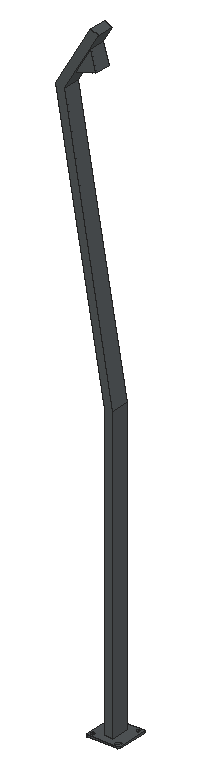
Revit family "Брейк", category Осветительные приборы, Revit 2019 (continued)
Types (3, lengths in mm): name | Файл фотометрической сетки | built-in parameter 1150105 | Lumens | built-in parameter 1150106 | built-in parameter 1150142 | Wattage | ADSK_Фактическая мощность | ADSK_Номинальная мощность | ADSK_Наименование | ADSK_Масса_Текст | ADSK_Масса | ADSK_Артикул | 60вт
     402.7 416.6 428.6\r\n 437.6 442.9 444.0 442.7 441.4 443.2 447.5 452.8 456.4 458.5 459.4 459.3 457.3 452.2 444.4 434.3 423.3 410.6 396.1 378.7 359.7\r\n 339.5 319.2 298.9 279.8 262.1 245.8 229.4 212.3 194.6 177.1 161.1 147.0 134.5 123.0 111.8 101.3 91.9 83.6 75.6 67.7 60.3 54.0\r\n 49.1 45.0 41.4 38.0 34.7 31.7 29.4 27.9 27.1 26.5 25.7 24.9 24.3 23.9 23.6 23.0 21.8 20.1 18.0 15.8 13.8 12.1 10.7 9.4 8.1 7.0\r\n 6.7\r\n325.0 321.2 314.1 306.5 303.1 305.5 310.4 315.1 320.3 326.8 335.1 343.5 351.3 357.7 364.1 372.2 383.2 396.3 410.0 423.0 434.9\r\n 444.7 451.0 452.8 451.2 448.6 448.3 450.0 452.6 453.1 451.6 448.1 443.3 436.3 426.6 414.6 400.6 386.6 371.7 355.4 336.3 315.3\r\n 293.5 272.1 251.8 233.3 216.6 201.5 186.8 171.6 156.2 141.2 127.9 116.5 106.7 97.7 88.8 80.3 72.8 66.1 59.8 53.8 48.2 43.6 39.9\r\n 36.8 34.0 31.4 28.7 26.4 24.7 23.8 23.4 23.1 22.7 22.4 22.1 22.0 21.8 21.2 20.0 18.5 16.6 14.8 13.1 11.7 10.4 9.2 7.9 6.7 5.6\r\n325.0 323.1 317.3 309.6 305.2 305.7 309.3 313.6 319.6 327.1 336.0 345.2 354.4 363.2 372.0 381.9 393.4 405.5 417.3 428.0 438.2\r\n 447.0 453.4 455.8 454.6 451.5 449.4 448.8 449.0 447.1 442.9 435.8 426.8 415.4 401.5 385.5 368.5 352.2 336.3 319.6 300.2 278.7\r\n 256.6 235.5 216.1 198.9 183.8 170.5 157.9 145.2 132.4 119.8 108.5 98.6 90.3 82.6 75.1 67.9 61.3 55.5 50.3 45.6 41.4 37.8 34.7\r\n 32.1 29.6 27.2 24.9 22.9 21.6 20.9 20.6 20.2 19.8 19.5 19.3 19.2 18.8 18.1 17.0 15.6 14.1 12.7 11.5 10.4 9.4 8.2 7.0 5.6 4.7\r\n325.0 322.3 316.7 310.0 305.7 305.2 307.3 311.1 317.4 326.0 336.1 346.6 357.2 367.9 378.8 390.3 402.2 413.4 423.5 432.0 439.5\r\n 445.8 450.9 453.5 453.2 450.1 446.3 442.8 440.2 436.5 430.6 421.9 410.6 396.6 379.8 360.9 341.7 324.0 307.5 290.5 271.3 250.2\r\n 228.8 208.8 191.1 175.4 161.9 150.0 139.3 128.8 118.3 107.7 97.7 88.5 80.5 73.3 66.4 59.9 53.9 48.6 44.0 40.1 36.7 33.8 31.1 28.6\r\n 26.2 23.8 21.6 19.9 18.9 18.3 17.8 17.3 16.7 16.4 16.2 16.0 15.5 14.7 13.6 12.4 11.4 10.4 9.6 8.8 7.9 7.0 5.8 4.6 1.9\r\n325.0 320.0 314.6 309.8 306.5 305.4 306.1 309.5 316.2 326.2 337.6 349.4 360.8 372.3 384.1 396.1 407.7 418.1 427.2 434.3 439.8\r\n 443.3 446.5 448.8 449.5 446.8 441.4 435.0 429.1 423.2 416.3 406.8 394.7 379.4 361.1 341.3 321.7 303.7 286.6 269.0 249.7 229.1\r\n 208.9 190.5 174.4 160.2 148.0 137.2 127.8 119.0 110.2 101.0 91.7 82.7 74.5 67.3 60.6 54.5 48.9 44.0 39.7 36.2 33.1 30.5 28.0 25.7\r\n 23.3 21.0 18.9 17.5 16.6 16.0 15.3 14.6 14.0 13.7 13.5 13.3 12.7 11.9 10.9 9.9 9.2 8.6 8.1 7.4 6.7 5.9 4.9 3.6 2.9\r\n325.0 318.0 312.8 310.0 308.0 306.6 306.2 309.4 316.3 327.3 339.6 352.3 364.2 376.2 388.3 399.9 410.4 419.5 428.2 435.1 439.8\r\n 441.4 442.9 444.7 446.2 444.1 437.9 428.8 419.6 411.1 402.7 392.5 379.8 363.8 345.5 326.4 308.0 290.6 273.2 254.7 234.8 214.6\r\n 195.6 178.6 164.0 151.3 140.2 130.4 121.9 113.9 105.9 97.3 88.2 78.9 70.4 62.9 56.5 50.7 45.6 41.1 37.1 33.5 30.4 27.7 25.4 23.2\r\n 21.0 18.9 17.1 15.8 15.0 14.3 13.5 12.6 12.0 11.7 11.6 11.3 10.8 10.0 9.1 8.4 7.8 7.5 7.1 6.6 5.9 5.2 4.4 3.5 0.8\r\n325.0 316.1 310.6 308.9 308.1 307.7 307.6 311.0 317.9 328.9 341.1 354.1 366.6 379.6 392.0 402.7 411.3 418.6 426.9 434.3 439.8\r\n 441.4 442.4 443.9 445.5 443.5 436.8 426.2 414.7 403.7 393.4 381.9 368.1 351.5 333.5 315.9 299.3 282.7 265.0 245.8 225.7 206.1\r\n 188.0 172.2 158.7 147.0 136.9 127.8 119.7 111.9 104.1 95.5 86.0 76.3 67.5 59.8 53.5 48.3 43.7 39.7 35.8 32.0 28.6 25.8 23.5 21.5\r\n 19.5 17.7 16.2 15.0 14.1 13.2 12.3 11.4 10.9 10.6 10.5 10.2 9.7 8.9 8.2 7.6 7.2 6.9 6.6 6.1 5.5 4.9 4.2 3.5 3.3\r\n325.0 313.8 306.5 304.2 304.2 305.5 307.2 311.6 318.5 329.0 340.6 353.9 367.5 381.9 395.0 404.9 411.4 416.8 424.2 432.2 439.2\r\n 442.4 444.4 445.5 446.2 443.4 436.4 425.4 413.0 400.5 388.8 376.2 361.7 344.6 327.0 310.3 294.6 278.2 260.0 240.5 220.6 201.7\r\n 184.5 169.6 156.9 146.0 136.4 127.6 119.6 111.6 103.5 94.5 84.8 74.9 65.8 58.2 52.0 47.0 42.9 39.2 35.4 31.5 27.8 24.7 22.3 20.4\r\n 18.8 17.3 15.9 14.6 13.6 12.6 11.6 10.9 10.4 10.1 9.9 9.5 9.1 8.5 7.8 7.3 6.9 6.6 6.3 5.8 5.3 4.7 4.1 3.6 4.1\r\n325.0 310.4 300.1 296.1 296.7 300.2 304.4 310.4 317.6 327.8 339.2 353.0 367.8 383.6 397.1 406.2 411.1 414.8 421.1 429.4 437.9\r\n 443.6 447.0 447.7 446.5 442.1 435.2 425.2 413.8 401.3 389.0 375.5 360.3 343.0 325.5 309.0 293.1 276.3 257.6 238.1 218.5 200.2\r\n 183.6 169.5 157.4 146.9 137.5 128.7 120.3 112.0 103.6 94.5 84.7 74.8 65.7 58.0 51.9 47.1 43.1 39.4 35.6 31.7 27.8 24.5 22.0 20.1\r\n 18.5 17.1 15.8 14.6 13.4 12.3 11.4 10.7 10.2 9.9 9.6 9.3 8.9 8.3 7.7 7.2 6.8 6.5 6.1 5.7 5.1 4.6 4.0 3.3 1.6\r\n325.0 306.3 292.4 286.3 287.1 292.7 299.4 307.1 315.2 326.0 337.9 352.3 367.5 383.6 396.9 405.8 410.2 413.6 419.3 427.6 437.1\r\n 444.4 448.4 448.1 445.0 439.5 433.3 425.4 416.3 405.1 392.7 378.6 362.7 345.2 327.7 311.3 295.2 278.0 259.0 239.4 219.8 201.4\r\n 184.8 170.7 158.9 148.7 139.3 130.3 121.6 113.0 104.3 95.3 85.8 76.2 67.2 59.6 53.4 48.3 44.1 40.3 36.5 32.5 28.6 25.1 22.3 20.2\r\n 18.6 17.2 15.9 14.7 13.5 12.4 11.5 10.9 10.5 10.2 9.9 9.4 8.9 8.4 7.8 7.3 6.9 6.5 6.1 5.6 5.0 4.4 3.9 3.0 2.3\r\n325.0 302.2 284.9 277.3 278.8 286.8 295.9 305.2 314.3 325.8 338.2 352.2 366.4 381.5 394.5 403.9 409.4 413.9 420.1 428.5 438.0\r\n 445.3 449.0 447.9 443.9 438.5 433.9 428.8 422.4 412.7 400.3 385.1 368.2 350.4 333.2 317.2 301.2 284.0 264.9 244.9 224.6 205.6\r\n 188.4 173.9 161.7 151.5 141.9 132.8 123.7 114.8 106.0 97.2 88.1 78.9 70.1 62.4 55.8 50.3 45.7 41.6 37.8 34.0 30.1 26.4 23.3 21.0\r\n 19.1 17.6 16.4 15.1 14.0 13.0 12.1 11.5 11.2 10.9 10.5 9.9 9.3 8.7 8.2 7.7 7.3 6.9 6.4 5.8 5.1 4.5 4.0 3.4 1.7\r\n325.0 298.2 278.3 270.3 273.8 284.7 296.0 306.3 315.9 327.6 339.5 351.8 363.5 376.8 389.5 400.6 408.6 415.5 423.1 431.9 440.8\r\n 447.1 450.0 448.8 445.4 441.3 438.5 435.7 431.2 422.8 410.5 394.9 377.3 359.4 342.5 327.0 311.5 294.8 275.5 254.9 233.6 213.6\r\n 195.4 180.0 167.0 156.0 145.9 136.3 126.9 117.7 108.9 100.1 91.4 82.5 73.9 66.0 59.0 52.9 47.8 43.4 39.7 36.0 32.2 28.3 25.0 22.2\r\n 20.2 18.6 17.3 16.2 15.1 14.1 13.3 12.7 12.3 12.0 11.5 10.9 10.2 9.5 9.0 8.5 8.1 7.7 7.1 6.3 5.5 4.8 4.3 3.8 4.4\r\n325.0 294.6 273.0 266.2 272.9 286.8 299.8 310.2 319.2 329.9 340.2 350.0 359.3 371.0 383.9 396.7 407.1 416.2 425.2 434.5 443.3\r\n 449.3 452.3 452.0 450.1 447.6 445.9 444.0 440.4 433.2 422.1 407.5 390.7 373.5 356.9 341.8 326.6 310.0 290.5 269.1 247.1 226.4\r\n 207.6 191.3 177.0 164.3 152.8 142.1 132.1 122.7 113.6 104.7 96.0 87.1 78.5 70.2 62.7 56.1 50.4 45.8 42.0 38.5 34.7 30.9 27.3 24.2\r\n 21.8 20.1 18.8 17.7 16.8 15.8 14.9 14.3 13.9 13.6 13.2 12.5 11.8 11.1 10.6 10.1 9.6 9.1 8.4 7.4 6.4 5.5 4.7 4.0 4.2\r\n325.0 291.3 269.1 264.4 274.7 290.9 304.3 313.5 320.9 329.7 338.1 346.2 354.2 365.4 378.6 392.3 403.6 413.5 423.3 433.7 443.6\r\n 450.9 455.0 456.1 455.5 454.1 452.4 450.3 446.9 441.5 433.2 421.9 408.0 392.8 377.4 362.7 347.6 330.9 311.3 289.7 267.4 246.4\r\n 227.2 209.9 193.8 178.9 165.0 152.5 141.4 131.2 121.6 112.0 102.6 93.2 84.1 75.5 67.5 60.3 54.3 49.4 45.4 41.7 38.0 34.0 30.2\r\n 26.9 24.2 22.3 20.9 19.9 18.9 18.0 17.1 16.4 16.0 15.9 15.6 15.1 14.5 13.9 13.4 12.7 12.0 11.1 10.1 8.9 7.7 6.5 5.3 4.0 1.5\r\n325.0 289.5 267.8 265.4 278.0 294.4 306.6 313.6 318.9 325.6 332.8 340.8 349.5 361.4 374.8 388.0 398.5 407.4 416.7 428.0 439.9\r\n 449.9 456.0 458.7 458.9 457.8 455.6 453.2 450.6 447.9 443.8 437.4 428.0 416.3 403.4 390.0 375.3 358.6 339.1 318.0 296.3 275.8\r\n 256.5 238.4 220.6 203.2 186.7 171.8 158.7 146.9 135.7 124.6 113.5 102.8 92.7 83.2 74.6 67.1 60.7 55.4 50.8 46.7 42.5 38.4 34.4\r\n 30.7 27.6 25.3 23.6 22.4 21.4 20.4 19.5 18.9 18.7 18.7 18.7 18.5 18.2 17.7 17.0 16.1 15.0 13.6 12.1 10.5 9.0 7.4 5.9 4.2 2.1\r\n325.0 290.1 270.0 269.2 282.0 296.3 305.8 310.4 313.7 318.9 325.5 334.6 345.2 358.5 371.7 383.9 392.6 400.0 408.4 420.0 433.3\r\n 445.3 453.4 457.5 458.5 458.1 456.3 454.7 453.8 454.4 454.7 453.0 448.1 440.7 431.4 420.9 408.1 392.8 374.7 355.0 335.0 315.9\r\n 297.3 278.7 259.6 240.1 221.3 204.0 188.6 174.3 160.4 146.4 132.5 119.3 107.2 96.4 86.8 78.6 71.6 65.6 60.0 54.8 49.9 45.1 40.6\r\n 36.4 32.7 29.7 27.4 25.8 24.5 23.3 22.3 21.7 21.5 21.7 21.9 22.0 21.8 21.4 20.6 19.4 17.7 15.7 13.7 11.8 9.9 8.2 6.4 4.6 3.2\r\n325.0 293.6 276.0 275.5 286.2 297.0 303.3 305.7 307.7 311.9 318.3 328.4 340.6 355.3 368.6 380.2 387.9 394.1 400.9 411.3 424.1\r\n 436.7 445.9 451.6 454.4 455.9 456.1 456.9 458.9 462.8 466.3 467.7 466.0 462.1 456.8 450.2 441.2 429.3 414.3 397.8 381.1 364.9\r\n 348.6 330.7 311.1 290.3 270.1 251.3 234.0 217.3 200.3 182.6 164.9 148.1 133.0 119.9 108.6 99.1 90.8 83.6 76.5 69.5 62.9 56.9 51.4\r\n 46.2 41.4 37.3 34.0 31.3 29.2 27.5 26.1 25.1 24.7 24.7 24.8 24.7 24.5 23.9 22.8 21.2 19.1 16.8 14.5 12.3 10.3 8.4 6.6 4.8 3.5\r\n325.0 299.3 284.5 283.1 290.3 297.2 300.8 301.9 303.4 307.2 313.2 323.2 335.5 350.4 364.0 375.9 383.8 390.0 395.7 404.2 414.7\r\n 425.9 435.3 442.7 448.2 452.7 456.5 460.8 466.1 472.3 477.3 479.7 479.4 478.0 476.3 474.1 470.3 463.4 453.5 441.4 429.3 417.4\r\n 404.6 388.8 369.9 349.4 329.6 311.4 294.3 276.7 257.6 236.6 215.1 194.3 175.7 159.6 145.9 134.4 124.4 115.2 105.9 96.5 87.6 79.4\r\n 72.2 65.3 58.8 52.9 47.8 43.6 40.0 36.9 34.3 32.2 30.5 29.3 28.2 27.1 26.0 24.8 23.2 21.2 18.9 16.4 14.1 12.0 10.0 8.1 6.4 4.8\r\n 2.8\r\n325.0 305.0 292.6 289.8 293.3 296.8 298.4 299.0 300.8 304.9 310.6 319.4 330.4 344.4 357.8 370.2 379.1 385.9 391.2 397.7 405.5\r\n 414.8 424.2 433.4 441.7 449.5 456.9 464.7 472.6 479.9 484.9 487.4 488.1 488.8 490.2 492.0 493.0 491.2 486.3 479.2 472.1 465.0\r\n 456.5 443.9 427.6 409.7 393.0 378.0 363.7 347.6 328.7 306.6 282.9 259.5 238.3 219.8 203.9 190.4 178.4 167.0 155.4 143.5 131.9\r\n 121.4 111.9 102.8 94.1 85.9 78.6 72.1 66.3 60.8 55.6 50.6 45.8 41.2 36.8 32.9 29.4 26.3 23.5 20.7 17.9 15.4 13.2 11.3 9.5 7.7 6.1\r\n 4.6 3.7\r\n325.0 309.0 298.2 293.9 294.3 295.3 295.8 296.6 299.2 304.0 309.5 317.0 325.8 337.7 350.0 362.1 371.6 379.1 384.7 390.3 396.7\r\n 405.0 414.9 425.6 436.2 446.3 456.2 466.0 475.0 482.2 486.9 490.2 492.9 496.2 500.5 505.2 509.2 510.6 509.3 506.0 503.0 500.2\r\n 496.0 488.0 476.5 463.6 451.9 442.0 432.0 419.6 403.3 383.1 360.5 337.6 316.3 297.4 281.0 266.6 253.5 240.8 227.7 214.4 201.5\r\n 189.6 178.5 167.6 157.1 147.2 138.4 129.9 121.5 112.7 103.1 92.6 81.4 70.0 58.9 48.8 40.0 32.7 26.8 22.0 18.1 15.1 12.9 11.1 9.4\r\n 7.8 6.2 4.7 3.0\r\n325.0 309.5 298.5 292.8 291.3 291.0 291.4 293.1 296.9 302.5 308.0 314.2 320.9 330.5 341.1 352.1 361.0 368.2 374.0 379.7 386.6\r\n 395.6 406.8 418.8 430.6 441.4 451.8 461.8 470.3 476.8 481.8 487.2 493.4 500.1 506.8 512.8 517.4 519.7 520.0 519.4 519.7 520.7\r\n 521.1 518.9 513.6 506.9 500.4 494.8 488.6 480.4 468.6 453.1 434.9 415.8 397.4 380.7 365.9 352.7 340.3 328.1 315.6 303.3 291.8\r\n 281.0 270.6 260.0 249.9 240.9 232.8 224.5 214.6 202.0 186.4 167.6 146.4 123.8 101.5 80.8 62.6 47.8 36.1 27.4 21.0 16.7 13.9 11.9\r\n 10.2 8.6 7.1 5.7 2.8\r\n325.0 307.0 294.2 287.2 284.9 284.1 285.3 288.5 293.7 300.1 305.5 310.3 315.0 322.4 331.3 340.5 347.9 353.5 358.9 365.5 374.4\r\n 385.3 398.0 410.6 422.4 432.7 442.2 450.8 457.5 463.0 468.9 477.5 487.6 497.7 506.0 512.0 515.9 517.9 519.0 520.5 523.7 528.6\r\n 533.9 537.9 539.1 537.7 534.4 530.7 526.7 522.0 515.3 505.9 493.8 480.0 466.0 453.1 441.7 431.7 422.0 412.3 402.6 394.0 386.8\r\n 380.4 373.8 366.8 360.5 355.7 351.9 346.4 336.7 321.1 299.0 270.4 236.5 199.7 162.6 127.6 96.7 71.1 51.3 36.7 26.6 20.2 16.3 13.9\r\n 11.9 10.2 8.6 7.2 7.4\r\n325.0 302.6 287.3 279.6 277.4 276.7 278.6 282.9 289.8 296.9 302.2 305.6 308.4 313.6 320.9 328.3 333.6 337.1 341.7 349.0 359.9\r\n 372.6 385.8 398.0 408.7 417.9 425.9 432.4 436.9 441.4 448.3 459.5 472.7 484.9 493.8 499.4 502.9 505.3 508.0 512.0 518.2 526.8\r\n 537.0 546.6 552.9 554.5 552.2 548.5 545.3 543.5 541.6 537.9 531.1 522.0 511.9 502.6 495.0 489.0 483.2 477.0 471.2 467.3 465.8\r\n 465.6 465.2 464.5 464.7 466.9 469.6 469.1 461.5 444.2 416.3 378.2 331.9 280.5 228.0 178.0 133.6 96.7 68.1 47.4 33.4 24.6 19.5\r\n 16.4 14.1 12.1 10.4 8.9 7.9\r\n325.0 299.3 282.5 275.3 273.4 272.3 273.5 277.8 285.5 293.3 298.6 300.5 301.7 304.9 310.6 315.9 319.0 320.4 324.1 331.9 344.1\r\n 357.1 369.5 379.9 389.0 396.9 403.2 407.5 410.0 413.7 421.4 434.0 448.4 461.0 469.6 475.2 479.3 483.5 488.4 494.7 503.1 514.7\r\n 528.4 541.9 551.4 554.6 552.4 548.5 546.1 546.8 548.6 549.1 545.9 539.7 532.2 525.8 521.5 519.0 516.6 513.6 510.9 510.9 514.0\r\n 519.5 525.3 531.3 538.4 547.2 555.8 560.0 554.6 536.8 505.1 460.3 404.6 342.1 277.8 216.3 161.4 115.8 80.7 55.4 38.6 28.2 22.2\r\n 18.6 16.0 13.8 11.9 10.8 7.3\r\n325.0 297.9 281.0 274.9 273.5 271.5 271.0 273.8 280.7 288.0 292.9 294.2 294.7 296.7 300.8 303.9 304.9 304.8 307.9 315.8 327.7\r\n 339.5 349.6 357.4 364.1 370.3 374.8 377.3 378.6 382.2 390.4 403.2 416.9 428.2 435.9 441.5 447.0 453.3 460.0 467.6 477.0 489.6\r\n 504.8 519.9 530.7 534.9 533.6 530.6 529.7 532.4 536.6 539.4 538.3 534.1 528.6 524.3 522.3 522.0 521.6 520.2 519.1 520.6 525.8\r\n 534.2 544.0 554.7 566.5 579.4 591.2 597.7 593.8 576.3 543.3 495.6 435.8 368.3 298.5 231.6 172.0 122.8 85.0 58.2 40.5 29.8 23.6\r\n 19.9 17.1 14.7 12.9 11.8 15.6\r\n325.0 298.3 281.9 276.6 275.0 272.5 270.1 270.7 275.0 280.0 283.7 284.9 286.1 288.3 291.4 292.6 291.8 290.5 293.2 300.5 311.2\r\n 321.0 328.4 333.1 337.0 340.4 342.9 344.0 345.2 349.2 357.6 369.2 381.0 390.4 396.8 402.0 407.9 415.0 422.3 429.8 438.6 450.3\r\n 464.5 478.8 489.4 494.5 494.9 494.0 494.8 498.8 503.9 507.8 508.0 505.5 502.1 499.8 499.4 500.0 500.1 499.0 497.8 498.7 503.3\r\n 511.5 521.9 533.9 546.8 560.0 571.4 577.6 574.1 557.6 526.2 480.3 422.4 356.7 288.5 223.1 165.0 117.4 81.1 55.5 38.8 28.8 23.1\r\n 19.7 17.0 14.8 13.0 12.3 10.8\r\n325.0 298.5 281.6 276.0 274.3 272.3 269.3 267.8 268.3 269.7 271.4 273.2 276.1 279.4 282.1 281.8 279.5 277.5 279.3 285.4 294.1\r\n 301.8 306.6 308.5 309.4 309.9 310.4 310.4 311.6 315.7 323.5 333.2 342.6 349.8 354.7 358.8 363.7 369.7 376.2 382.7 390.1 399.6\r\n 411.0 422.5 431.5 436.9 439.0 440.2 442.3 446.6 451.6 455.7 457.0 456.1 454.6 453.8 454.2 454.9 454.8 453.3 451.2 450.7 453.0\r\n 458.8 467.0 477.0 487.8 498.6 507.3 511.5 507.8 493.1 465.5 425.2 374.1 316.0 255.4 197.1 145.4 103.3 71.5 49.2 34.6 26.0 21.2\r\n 18.3 15.9 13.9 12.3 11.5 11.0\r\n325.0 297.3 278.6 271.4 269.8 269.4 267.2 264.5 261.5 259.5 259.4 261.6 265.9 269.9 271.9 270.4 267.3 264.6 265.1 269.2 275.7\r\n 281.4 284.3 284.0 282.5 280.7 279.5 278.8 279.7 282.9 288.9 296.0 303.0 308.3 311.7 314.1 317.0 320.9 325.6 330.7 336.4 343.2\r\n 351.0 358.7 365.0 369.6 372.4 374.7 377.1 380.9 385.4 389.4 391.4 391.6 391.0 390.9 391.4 392.0 391.7 389.8 387.0 385.1 385.3\r\n 387.9 392.3 398.0 404.5 411.3 416.4 418.0 413.6 401.0 378.5 346.1 305.0 258.1 208.8 161.2 119.2 85.0 59.2 41.0 29.1 22.2 18.4\r\n 16.0 14.2 12.4 11.0 10.2 12.0\r\n325.0 294.7 273.1 263.9 262.4 264.0 263.5 260.8 256.1 252.1 250.6 252.6 256.5 259.5 259.8 257.3 253.9 251.0 250.3 251.9 255.7\r\n 259.2 260.4 258.8 256.0 253.4 251.7 250.4 250.2 251.8 255.4 260.1 264.9 268.4 270.0 270.5 271.1 272.8 275.7 279.1 283.0 287.2\r\n 291.5 295.3 298.3 300.9 303.0 305.0 306.9 309.7 313.3 317.0 319.3 319.7 318.9 318.3 318.4 318.8 318.5 316.8 314.2 311.9 310.6\r\n 310.3 310.7 311.7 313.7 316.3 318.1 317.5 312.4 301.5 283.9 259.4 228.9 194.1 157.4 122.1 90.8 65.4 46.1 32.5 23.6 18.4 15.5 13.7\r\n 12.2 10.8 9.4 8.3 6.2\r\n325.0 292.2 267.9 256.6 254.8 257.5 258.3 256.4 251.8 247.4 245.0 245.4 247.1 247.5 245.8 242.6 239.6 236.9 235.3 234.8 235.8\r\n 236.7 236.2 233.7 230.7 228.2 226.5 224.9 223.7 223.5 225.0 227.9 230.7 232.4 232.0 230.5 229.1 228.9 229.8 231.4 233.4 235.3\r\n 236.7 237.1 237.0 236.9 237.3 237.8 238.6 240.0 242.5 245.5 247.4 247.4 245.8 244.2 243.7 243.9 243.9 242.8 240.8 238.6 236.6\r\n 234.5 231.9 229.4 227.7 227.2 226.6 224.4 219.0 209.6 196.0 178.4 157.1 133.5 108.8 85.0 64.1 46.9 33.9 24.6 18.6 15.0 13.0 11.7\r\n 10.5 9.3 8.1 6.5 3.5\r\n325.0 292.1 266.7 253.6 250.2 252.2 253.1 251.5 247.3 243.0 239.7 238.0 236.7 234.3 230.9 227.6 225.3 223.2 221.1 219.0 217.4\r\n 215.7 213.5 210.4 207.7 205.6 203.9 202.0 199.8 198.3 198.5 199.9 201.0 200.6 197.9 194.3 191.1 189.3 188.6 188.5 188.7 188.7\r\n 187.8 185.7 183.1 180.6 178.9 177.7 177.0 177.0 178.1 179.7 180.7 180.0 177.8 175.4 174.2 174.2 174.4 173.7 172.4 170.6 168.4\r\n 165.4 161.5 157.3 153.9 151.8 150.0 147.3 142.2 134.6 124.4 112.2 98.5 83.8 68.8 54.5 41.9 31.6 23.8 18.3 14.7 12.6 11.3 10.3 9.3\r\n 8.
